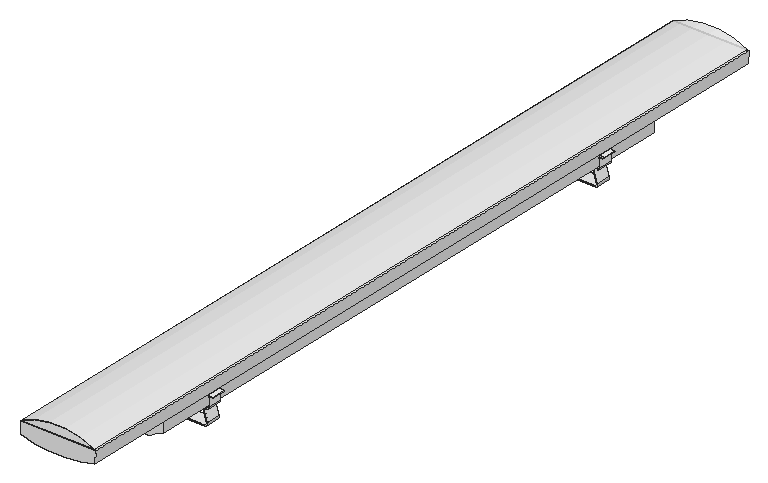
Revit family "Lighting-Industrial-GEWISS-SMART[3]PLUS-WATERTIGHT-LED_TRANSPARENT_1200mm", category Apparecchi per illuminazione, host Superficie, Revit 2019
Family settings
  Host = Superficie
  Quota connettore circolare = Usa diametro
  Tipo di parte = Normale
  Taglio con vuoti quando caricato = No
  Sorgente d'illuminazione = Sì
  Condiviso = No
  Punto di calcolo locali = No
Parameters (values of type "GWS3223AT957 - SMART3 PLUS 1200 T.W.DALI HE TRASP 9 57")
  Working temperature = "-25 +50 °C"
  Weight (kg): = ""
  Wattage = 27 W
  Warranty = "5 years"
  Voltage = "220-240 V "
  Version file RFA = "20.0"
  Variazione temperatura colore lampada con luminosità attenuata = (empty or 0)
  URL = "https://www.gewiss.com/ww/en"
  Typology = "DALI"
  Type of light source = "LED - Not replaceable"
  built-in parameter 1150107 = 5700 (stored number, unit not read)
  Technical sheet = "https://www.gewiss.com/ww/en/search?q=GWS3223AT957"
  System power = "38 W"
  Struttura = GEWISS - SMART 3 - GRIGIO
  Stampa 1_200 = no
  Stampa 1_100 = not(Stampa 1_200)  # yes
  Spostamento_Y_etichetta [instance] = 0 mm
  Spostamento_Y_effettivo_etichetta [instance] = 1500 mm - Spostamento_Y_etichetta  # 1500 mm
  Spostamento_X_etichetta [instance] = 0 mm
  Spostamento_X_effettivo_etichetta [instance] = 1500 mm - Spostamento_X_etichetta  # 1500 mm
  Shock resistance = "IK08"
  Shield type = "Transparent"
  Schermo. = Gewiss - Led Acceso
  SEO = "Ceiling"
  Realized by GEWISS S.p.A. = ""
  Default Elevation = 1219.2 mm
  Produttore = "GEWISS S.p.A."
  built-in parameter 1150110 = 1 (stored number, unit not read)
  built-in parameter 1150109 = 1 (stored number, unit not read)
  built-in parameter 1114218 = 1 (stored number, unit not read)
  built-in parameter 1150112 = 1 (stored number, unit not read)
  Operating temperature: = "-25 +50 °C"
  Nominal flux (lm) = ""
  No. LED (#) = ""
  Modello = "GWS3223AT957"
  built-in parameter 1150137 = (empty or 0)
  built-in parameter 1150132 = (empty or 0)
  Lunghezza Lampada = 1200 mm  # constant formula
  Lumen output (lm) = "4500"
  Length = "1200 mm"
  Lampada = "LED"
  Lamp = "LED"
  LED LifeTime (L80B20) = ""
  LED Life time (L80B50) = ""
  LED Life time (L70) = ""
  LED Life Time (L90B50) = ""
  built-in parameter 1150105 = 1406.7 (stored number, unit not read)
  built-in parameter 1150102 = (empty or 0)
  Insulation class = "II"
  Immagine tipo = GWS3136T.jpg
  built-in parameter 1150106 = 14.067 (stored number, unit not read)
  IP degree = "IP66/IP69"
  IFC.TypeObject = ""
  IFC.ExportType = ""
  IFC.ExportAs = ""
  IDT = "c46b9b55-ed1d-4068-afb8-069052944d3c"
  IDF = "927492b9-7e84-4dff-8bc6-ba5daba70ad1"
  Glow Wire Test = "850°C"
  Ganci = GEWISS  - ALLUMINIO
  Lumens = 4010.63 lm
  Color Filter = 16777215
  File diagramma fotometrico = "GWS3223AT957.IES"
  built-in parameter 1114217 = 1 (stored number, unit not read)
  built-in parameter 1150139 = (empty or 0)
  Failure rate apparecchio (50.000h, Tq=25Â° C) = ""
  Failure rate apparecchio (35.000h, Tq=35Â° C) = ""
  Emetti da lunghezza linea = 1000 mm
  Electrocod = "2434"
  Efficiency class of integrated LEDs = "A ÷ A++"
  built-in parameter 1150104 = 13.8 (stored number, unit not read)
  EAN code = ""
  Driver type = ""
  built-in parameter 1150115 = 1 (stored number, unit not read)
  built-in parameter 1150114 = 1 (stored number, unit not read)
  built-in parameter 1150113 = 1 (stored number, unit not read)
  Device with reduced surface temperature = ""
  Descrizione = "SMART3 PLUS 1200 T.W.DALI HE TRASP 9 57"
  Commenti sul wattaggio = "20W"
  Colour temperature: = "5700 K (CRI > 90)"
  Colour temperature = "5700 K (CRI > 90)"
  built-in parameter 1150134 = (empty or 0)
  built-in parameter 1150138 = (empty or 0)
  Catalogue Range = "SMART[3] PLUS"
  Catalogue = "LIGHTING"
  Carico apparente = 20 VA
  COBie.Tagnumber = ""
  COBie.CreatedOn = ""
  COBie.CreatebBy = ""
  COBie.ComponentRegisterItemID = ""
  COBie.Component.TagNumber = ""
  COBie.Component.Space = ""
  COBie.Component.SerialNumber = ""
  COBie.Component.InstallationDate = ""
  COBie.Component.Description = ""
  COBie.Component.BarCode = ""
  Application = "Indoor"
  Tilt Angle = -90.00°
  built-in parameter 1150133 = 10 (stored number, unit not read)
Types (25, lengths in mm): name | Typology | Technical sheet | System power | Modello | Lumen output (lm) | IDT | File diagramma fotometrico | Descrizione | Commenti sul wattaggio | Colour temperature: | Colour temperature | Carico apparente
  (no name) | "DALI" | "https://www.gewiss.com/ww/en/search?q=GWS3223AT957" | "38 W" | "GWS3223AT957" | "4500" | "c46b9b55-ed1d-4068-afb8-069052944d3c" | "GWS3223AT957.IES" | "SMART3 PLUS 1200 T.W.DALI HE TRASP 9 57" | "20W" | "5700 K (CRI > 90)" | "5700 K (CRI > 90)" | 20 VA
  GWS3220AT830 - SMART3 PLUS 1200 ON/OFF HE TRASP 8 30 | "" | "https://www.gewiss.com/ww/en/search?q=GWS3220AT830" | "36 W" | "GWS3220AT830" | "5400" | "cc03c640-083c-4dcd-9abc-138766095f55" | "GWS3220AT830.IES" | "SMART3 PLUS 1200 ON/OFF HE TRASP 8 30" | "20W" | "3000 K (CRI > 80)" | "3000 K (CRI > 80)" | 20 VA
  GWS3220AT840 - SMART3 PLUS 1200 ON/OFF HE TRASP 8 40 | "" | "https://www.gewiss.com/ww/en/search?q=GWS3220AT840" | "36 W" | "GWS3220AT840" | "5700" | "09c3f415-a496-4e20-986e-db9e6c14fef6" | "GWS3220AT840.IES" | "SMART3 PLUS 1200 ON/OFF HE TRASP 8 40" | "20W" | "4000 K (CRI > 80)" | "4000 K (CRI > 80)" | 20 VA
  GWS3220AT857 - SMART3 PLUS 1200 ON/OFF HE TRASP 8 57 | "" | "https://www.gewiss.com/ww/en/search?q=GWS3220AT857" | "36 W" | "GWS3220AT857" | "5700" | "ef93b854-6b58-44e9-89cc-111676d7b82c" | "GWS3220AT857.IES" | "SMART3 PLUS 1200 ON/OFF HE TRASP 8 57" | "20W" | "5700 K (CRI > 80)" | "5700 K (CRI > 80)" | 20 VA
  GWS3221AT940 - SMART3 PLUS 1200 DALI HE TRASP 9 40 | "DALI" | "https://www.gewiss.com/ww/en/search?q=GWS3221AT940" | "38 W" | "GWS3221AT940" | "4500" | "fa073392-7059-461d-a72b-552a3fb30932" | "GWS3221AT940.IES" | "SMART3 PLUS 1200 DALI HE TRASP 9 40" | "43W" | "4000 K (CRI > 90)" | "4000 K (CRI > 90)" | 43 VA
  GWS3222AT957 - SMART3 PLUS 1200 T.W.ON/OFF HE TRASP 9 57 | "" | "https://www.gewiss.com/ww/en/search?q=GWS3222AT957" | "36 W" | "GWS3222AT957" | "4500" | "c4d82c3d-998b-43e6-8a02-2a846538d6a9" | "GWS3222AT957.IES" | "SMART3 PLUS 1200 T.W.ON/OFF HE TRASP 9 57" | "43W" | "5700 K (CRI > 90)" | "5700 K (CRI > 90)" | 43 VA
  GWS3221AT957 - SMART3 PLUS 1200 DALI HE TRASP 9 57 | "DALI" | "https://www.gewiss.com/ww/en/search?q=GWS3221AT957" | "38 W" | "GWS3221AT957" | "4500" | "e38578d1-f581-41d0-b7b6-87f1ffb61d1a" | "GWS3221AT957.IES" | "SMART3 PLUS 1200 DALI HE TRASP 9 57" | "43W" | "5700 K (CRI > 90)" | "5700 K (CRI > 90)" | 43 VA
  GWS3220AT930 - SMART3 PLUS 1200 ON/OFF HE TRASP 9 30 | "" | "https://www.gewiss.com/ww/en/search?q=GWS3220AT930" | "36 W" | "GWS3220AT930" | "4200" | "076b8305-acf4-44ee-b39d-ceb1535875ca" | "GWS3220AT930.IES" | "SMART3 PLUS 1200 ON/OFF HE TRASP 9 30" | "22W" | "3000 K (CRI > 90)" | "3000 K (CRI > 90)" | 22 VA
  GWS3220AT940 - SMART3 PLUS 1200 ON/OFF HE TRASP 9 40 | "" | "https://www.gewiss.com/ww/en/search?q=GWS3220AT940" | "36 W" | "GWS3220AT940" | "4500" | "84bb4263-5ebe-45e1-a908-42868858a568" | "GWS3220AT940.IES" | "SMART3 PLUS 1200 ON/OFF HE TRASP 9 40" | "22W" | "4000 K (CRI > 90)" | "4000 K (CRI > 90)" | 22 VA
  GWS3220AT957 - SMART3 PLUS 1200 ON/OFF HE TRASP 9 57 | "" | "https://www.gewiss.com/ww/en/search?q=GWS3220AT957" | "36 W" | "GWS3220AT957" | "4500" | "b4a2678a-a64e-4b97-9546-12a220017e24" | "GWS3220AT957.IES" | "SMART3 PLUS 1200 ON/OFF HE TRASP 9 57" | "20W" | "5700 K (CRI > 90)" | "5700 K (CRI > 90)" | 20 VA
  GWS3221AT830 - SMART3 PLUS 1200 DALI HE TRASP 8 30 | "DALI" | "https://www.gewiss.com/ww/en/search?q=GWS3221AT830" | "38 W" | "GWS3221AT830" | "5400" | "446ac764-e3ac-43df-b663-7ac397df601f" | "GWS3221AT830.IES" | "SMART3 PLUS 1200 DALI HE TRASP 8 30" | "20W" | "3000 K (CRI > 80)" | "3000 K (CRI > 80)" | 20 VA
  GWS3221AT840 - SMART3 PLUS 1200 DALI HE TRASP 8 40 | "DALI" | "https://www.gewiss.com/ww/en/search?q=GWS3221AT840" | "38 W" | "GWS3221AT840" | "5700" | "7ccc98ee-2a29-4ff6-9500-64fec6a12d35" | "GWS3221AT840.IES" | "SMART3 PLUS 1200 DALI HE TRASP 8 40" | "20W" | "4000 K (CRI > 80)" | "4000 K (CRI > 80)" | 20 VA
  GWS3221AT857 - SMART3 PLUS 1200 DALI HE TRASP 8 57 | "DALI" | "https://www.gewiss.com/ww/en/search?q=GWS3221AT857" | "38 W" | "GWS3221AT857" | "5700" | "0a1c8150-8b5a-4265-af17-518ff3480667" | "GWS3221AT857.IES" | "SMART3 PLUS 1200 DALI HE TRASP 8 57" | "22W" | "5700 K (CRI > 80)" | "5700 K (CRI > 80)" | 22 VA
  GWS3221AT930 - SMART3 PLUS 1200 DALI HE TRASP 9 30 | "DALI" | "https://www.gewiss.com/ww/en/search?q=GWS3221AT930" | "38 W" | "GWS3221AT930" | "4200" | "6f68c8b0-19f3-4205-96cf-caa095b52e87" | "GWS3221AT930.IES" | "SMART3 PLUS 1200 DALI HE TRASP 9 30" | "22W" | "3000 K (CRI > 90)" | "3000 K (CRI > 90)" | 22 VA
  GWS3222AT840 - SMART3 PLUS 1200 T.W.ON/OFF HE TRASP 8 40 | "" | "https://www.gewiss.com/ww/en/search?q=GWS3222AT840" | "36 W" | "GWS3222AT840" | "5700" | "27a7ed5a-4f35-49a6-8a6c-5898d2855acc" | "GWS3222AT840.IES" | "SMART3 PLUS 1200 T.W.ON/OFF HE TRASP 8 40" | "45W" | "4000 K (CRI > 80)" | "4000 K (CRI > 80)" | 45 VA
  GWS3222AT830 - SMART3 PLUS 1200 T.W.ON/OFF HE TRASP 8 30 | "" | "https://www.gewiss.com/ww/en/search?q=GWS3222AT830" | "36 W" | "GWS3222AT830" | "5400" | "524bcf26-8372-489b-846e-3159a1fc7fc8" | "GWS3222AT830.IES" | "SMART3 PLUS 1200 T.W.ON/OFF HE TRASP 8 30" | "45W" | "3000 K (CRI > 80)" | "3000 K (CRI > 80)" | 45 VA
  GWS3222AT940 - SMART3 PLUS 1200 T.W.ON/OFF HE TRASP 9 40 | "" | "https://www.gewiss.com/ww/en/search?q=GWS3222AT940" | "36 W" | "GWS3222AT940" | "4500" | "4ea5874f-d4c7-45e4-a779-2e53d76b34c1" | "GWS3222AT940.IES" | "SMART3 PLUS 1200 T.W.ON/OFF HE TRASP 9 40" | "43W" | "4000 K (CRI > 90)" | "4000 K (CRI > 90)" | 43 VA
  GWS3222AT857 - SMART3 PLUS 1200 T.W.ON/OFF HE TRASP 8 57 | "" | "https://www.gewiss.com/ww/en/search?q=GWS3222AT857" | "36 W" | "GWS3222AT857" | "5700" | "7a26459e-3c96-4372-bbcf-8bb73ff3c29b" | "GWS3222AT857.IES" | "SMART3 PLUS 1200 T.W.ON/OFF HE TRASP 8 57" | "43W" | "5700 K (CRI > 80)" | "5700 K (CRI > 80)" | 43 VA
  GWS3223AT840 - SMART3 PLUS 1200 T.W.DALI HE TRASP 8 40 | "DALI" | "https://www.gewiss.com/ww/en/search?q=GWS3223AT840" | "38 W" | "GWS3223AT840" | "5700" | "1b5356aa-910a-4b37-addc-99e573483462" | "GWS3223AT840.IES" | "SMART3 PLUS 1200 T.W.DALI HE TRASP 8 40" | "43W" | "4000 K (CRI > 80)" | "4000 K (CRI > 80)" | 43 VA
  GWS3222AT930 - SMART3 PLUS 1200 T.W.ON/OFF HE TRASP 9 30 | "" | "https://www.gewiss.com/ww/en/search?q=GWS3222AT930" | "36 W" | "GWS3222AT930" | "4200" | "82cc36ae-f46d-44e4-ab60-56489764c269" | "GWS3222AT930.IES" | "SMART3 PLUS 1200 T.W.ON/OFF HE TRASP 9 30" | "45W" | "3000 K (CRI > 90)" | "3000 K (CRI > 90)" | 45 VA
  GWS3223AT830 - SMART3 PLUS 1200 T.W.DALI HE TRASP 8 30 | "DALI" | "https://www.gewiss.com/ww/en/search?q=GWS3223AT830" | "38 W" | "GWS3223AT830" | "5400" | "e509e7ab-5415-430c-ab52-ed9dbecbe642" | "GWS3223AT830.IES" | "SMART3 PLUS 1200 T.W.DALI HE TRASP 8 30" | "45W" | "3000 K (CRI > 80)" | "3000 K (CRI > 80)" | 45 VA
  GWS3223AT857 - SMART3 PLUS 1200 T.W.DALI HE TRASP 8 57 | "DALI" | "https://www.gewiss.com/ww/en/search?q=GWS3223AT857" | "38 W" | "GWS3223AT857" | "5700" | "0fb5b629-e0fb-4db4-a3f4-6404c6902af9" | "GWS3223AT857.IES" | "SMART3 PLUS 1200 T.W.DALI HE TRASP 8 57" | "56W" | "5700 K (CRI > 80)" | "5700 K (CRI > 80)" | 56 VA
  GWS3223AT930 - SMART3 PLUS 1200 T.W.DALI HE TRASP 9 30 | "DALI" | "https://www.gewiss.com/ww/en/search?q=GWS3223AT930" | "38 W" | "GWS3223AT930" | "4200" | "5e02d956-57f0-445b-b64a-a93ea9ab1ae5" | "GWS3223AT930.IES" | "SMART3 PLUS 1200 T.W.DALI HE TRASP 9 30" | "56W" | "3000 K (CRI > 90)" | "3000 K (CRI > 90)" | 56 VA
  GWS3223AT940 - SMART3 PLUS 1200 T.W.DALI HE TRASP 9 40 | "DALI" | "https://www.gewiss.com/ww/en/search?q=GWS3223AT940" | "38 W" | "GWS3223AT940" | "4500" | "5b0874d6-e961-4f56-bbd5-39bd58d15a8b" | "GWS3223AT940.IES" | "SMART3 PLUS 1200 T.W.DALI HE TRASP 9 40" | "20W" | "4000 K (CRI > 90)" | "4000 K (CRI > 90)" | 20 VA
  GWS3223AT957 - SMART3 PLUS 1200 T.W.DALI HE TRASP 9 57 | "DALI" | "https://www.gewiss.com/ww/en/search?q=GWS3223AT957" | "38 W" | "GWS3223AT957" | "4500" | "c46b9b55-ed1d-4068-afb8-069052944d3c" | "GWS3223AT957.IES" | "SMART3 PLUS 1200 T.W.DALI HE TRASP 9 57" | "20W" | "5700 K (CRI > 90)" | "5700 K (CRI > 90)" | 20 VA
Values of the unnamed type that differ from the named types
  Variazione temperatura colore lampada con luminosità attenuata = <Nessuno>
Reference planes
  plane 1 "Centro (Fronte/Retro)": y = 0
  plane 2: z = 0
  plane 3 "Centro (Sinistra/Destra)": x = 0
  plane 4: x = -1500
  plane 5: y = -1500
  plane 6: x = 0
  plane 7: y = 0
Forms (mm)
  Extrusion 1, solid, material "GEWISS  - ALLUMINIO" <- "Ganci", detail levels medium+fine
    sketch origin (0, 0, 0) x (1, 0, 0) y (0, 0, 1)
      loop
        arc (31.431, -0.002) -> (34.576, 1.589) -> (35.156, 5.066) r 3.903
        line (35.156, 5.066) -> (29.612, 23.211)
        arc (29.612, 23.211) -> (29.883, 24.381) -> (31.032, 24.73) r 1.2
        line (31.032, 24.73) -> (34.307, 23.974)
        arc (34.307, 23.974) -> (36.765, 24.53) -> (37.859, 26.8) r 2.9
        line (37.859, 26.8) -> (37.859, 38.8)
        arc (37.859, 38.8) -> (37.648, 39.694) -> (37.059, 40.4) r 2
        line (37.059, 40.4) -> (37.059, 42.71) -> (42.861, 40.598) -> (43.203, 41.538) -> (37.53, 43.603)
        arc (37.53, 43.603) -> (37.019, 43.613) -> (36.605, 43.311) r 0.8
        line (36.605, 43.311) -> (36.306, 26.139)
        arc (36.306, 26.139) -> (35.6, 25.444) -> (34.616, 25.34) r 1.5
        line (34.616, 25.34) -> (31.344, 26.095)
        arc (31.344, 26.095) -> (28.858, 25.335) -> (28.273, 22.802) r 2.6
        line (28.273, 22.802) -> (33.827, 4.636)
        arc (33.827, 4.636) -> (33.449, 2.415) -> (31.438, 1.4) r 2.5
        line (31.438, 1.4) -> (-31.437, 1.4)
        arc (-31.437, 1.4) -> (-33.449, 2.415) -> (-33.827, 4.636) r 2.5
        line (-33.827, 4.636) -> (-28.273, 22.802)
        arc (-28.273, 22.802) -> (-28.858, 25.335) -> (-31.344, 26.095) r 2.6
        line (-31.344, 26.095) -> (-34.616, 25.34)
        arc (-34.616, 25.34) -> (-35.6, 25.444) -> (-36.306, 26.139) r 1.5
        line (-36.306, 26.139) -> (-36.605, 43.311)
        arc (-36.605, 43.311) -> (-37.019, 43.613) -> (-37.53, 43.603) r 0.8
        line (-37.53, 43.603) -> (-43.203, 41.538) -> (-42.861, 40.598) -> (-37.059, 42.71) -> (-37.059, 40.4)
        arc (-37.059, 40.4) -> (-37.648, 39.694) -> (-37.859, 38.8) r 2
        line (-37.859, 38.8) -> (-37.859, 26.8)
        arc (-37.859, 26.8) -> (-36.765, 24.53) -> (-34.307, 23.974) r 2.9
        line (-34.307, 23.974) -> (-31.032, 24.73)
        arc (-31.032, 24.73) -> (-29.883, 24.381) -> (-29.612, 23.211) r 1.2
        line (-29.612, 23.211) -> (-35.156, 5.066)
        arc (-35.156, 5.066) -> (-34.576, 1.589) -> (-31.431, -0.002) r 3.903
        line (-31.431, -0.002) -> (31.431, -0.002)
    from 348.766 to 368.766
  Extrusion 2, solid, material "GEWISS  - ALLUMINIO" <- "Ganci", detail levels medium+fine
    sketch origin (0, 0, 0) x (1, 0, 0) y (0, 0, -1)
      loop
        line (31.431, 0.002) -> (-31.431, 0.002)
        arc (-31.431, 0.002) -> (-34.576, -1.589) -> (-35.156, -5.066) r 3.903
        line (-35.156, -5.066) -> (-29.612, -23.211)
        arc (-29.612, -23.211) -> (-29.883, -24.381) -> (-31.032, -24.73) r 1.2
        line (-31.032, -24.73) -> (-34.307, -23.974)
        arc (-34.307, -23.974) -> (-36.765, -24.53) -> (-37.859, -26.8) r 2.9
        line (-37.859, -26.8) -> (-37.859, -38.8)
        arc (-37.859, -38.8) -> (-37.648, -39.694) -> (-37.059, -40.4) r 2
        line (-37.059, -40.4) -> (-37.059, -42.71) -> (-42.861, -40.598) -> (-43.203, -41.538) -> (-37.53, -43.603)
        arc (-37.53, -43.603) -> (-37.019, -43.613) -> (-36.605, -43.311) r 0.8
        line (-36.605, -43.311) -> (-36.306, -26.139)
        arc (-36.306, -26.139) -> (-35.6, -25.444) -> (-34.616, -25.34) r 1.5
        line (-34.616, -25.34) -> (-31.344, -26.095)
        arc (-31.344, -26.095) -> (-28.858, -25.335) -> (-28.273, -22.802) r 2.6
        line (-28.273, -22.802) -> (-33.827, -4.636)
        arc (-33.827, -4.636) -> (-33.449, -2.415) -> (-31.437, -1.4) r 2.5
        line (-31.437, -1.4) -> (31.438, -1.4)
        arc (31.438, -1.4) -> (33.449, -2.415) -> (33.827, -4.636) r 2.5
        line (33.827, -4.636) -> (28.273, -22.802)
        arc (28.273, -22.802) -> (28.858, -25.335) -> (31.344, -26.095) r 2.6
        line (31.344, -26.095) -> (34.616, -25.34)
        arc (34.616, -25.34) -> (35.6, -25.444) -> (36.306, -26.139) r 1.5
        line (36.306, -26.139) -> (36.605, -43.311)
        arc (36.605, -43.311) -> (37.019, -43.613) -> (37.53, -43.603) r 0.8
        line (37.53, -43.603) -> (43.203, -41.538) -> (42.861, -40.598) -> (37.059, -42.71) -> (37.059, -40.4)
        arc (37.059, -40.4) -> (37.648, -39.694) -> (37.859, -38.8) r 2
        line (37.859, -38.8) -> (37.859, -26.8)
        arc (37.859, -26.8) -> (36.765, -24.53) -> (34.307, -23.974) r 2.9
        line (34.307, -23.974) -> (31.032, -24.73)
        arc (31.032, -24.73) -> (29.883, -24.381) -> (29.612, -23.211) r 1.2
        line (29.612, -23.211) -> (35.156, -5.066)
        arc (35.156, -5.066) -> (34.576, -1.589) -> (31.431, 0.002) r 3.903
    from 348.766 to 368.766
  Extrusion 3, solid, material "GEWISS - SMART 3 - GRIGIO" <- "Struttura", detail levels medium+fine
    sketch origin (0, 0, 0) x (1, 0, 0) y (0, 0, 1)
      loop
        line (-36.331, 55.757) -> (-35.847, 28.018)
        arc (-35.847, 28.018) -> (-33.139, 27.27) -> (-30.416, 26.58) r 129.5
        arc (-30.416, 26.58) -> (-28.066, 25.76) -> (-25.915, 24.506) r 13
        arc (-25.915, 24.506) -> (-24.23, 23.324) -> (-22.521, 22.178) r 99.5
        arc (-22.521, 22.178) -> (-16.401, 19.063) -> (-9.748, 17.365) r 31.146
        line (-9.748, 17.365) -> (12.491, 17.365)
        arc (12.491, 17.365) -> (17.822, 19.098) -> (22.764, 21.745) r 31.646
        arc (22.764, 21.745) -> (24.509, 22.915) -> (26.228, 24.122) r 100
        arc (26.228, 24.122) -> (28.283, 25.313) -> (30.525, 26.095) r 12.5
        arc (30.525, 26.095) -> (33.437, 26.834) -> (36.332, 27.64) r 130
        line (36.332, 27.64) -> (36.824, 55.851)
        arc (36.824, 55.851) -> (24.914, 53.937) -> (12.909, 52.764) r 195.047
        line (12.909, 52.764) -> (-12.909, 52.764)
        arc (-12.909, 52.764) -> (-24.665, 53.905) -> (-36.331, 55.757) r 195.047
    from -450 to 450
  Extrusion 4, solid, material "GEWISS - SMART 3 - GRIGIO" <- "Struttura", detail levels medium+fine
    sketch origin (0, 0, 0) x (1, 0, 0) y (0, 0, 1)
      loop
        line (54.725, 60.184) -> (55.177, 77.445) -> (-55.177, 77.445) -> (-54.725, 60.184)
        arc (-54.725, 60.184) -> (-34.019, 55.332) -> (-12.909, 52.764) r 195.047
        line (-12.909, 52.764) -> (12.909, 52.764)
        arc (12.909, 52.764) -> (34.019, 55.332) -> (54.725, 60.184) r 195.047
    from -600 to 600
  Extrusion 5, solid, material "Gewiss - Led Acceso" <- "Schermo.", detail levels medium+fine
    sketch origin (0, 0, 0) x (1, 0, 0) y (0, 0, 1)
      loop
        arc (54.697, 78.441) -> (-0.014, 90.457) -> (-54.723, 78.429) r 130.5
        arc (-54.723, 78.429) -> (-54.988, 77.838) -> (-54.5, 77.445) r 0.5
        line (-54.5, 77.445) -> (54.479, 77.445)
        arc (54.479, 77.445) -> (54.988, 77.855) -> (54.697, 78.441) r 0.522
    from -600 to 600
  Extrusion 6, solid, material "GEWISS - SMART 3 - GRIGIO" <- "Struttura", detail levels coarse
    sketch origin (0, 0, 0) x (1, 0, 0) y (0, 0, 1)
      loop
        line (-54.5, 90.439) -> (-54.5, 0) -> (54.5, 0) -> (54.5, 90.439) -> (-54.5, 90.439)
    from -600 to 600
Lines and regions (mm)
  Masking region 1
    outline origin (0, 0, 0) x (1, 0, 0) y (0, 1, 0)
      loop
        line (-55.177, 600) -> (-55.177, -600) -> (55.177, -600) -> (55.177, 600) -> (-55.177, 600)
  symbolic lines, style "GEWISS - LIGHT 2D"
    curve 1: line (0, 488.766, 0) -> (0, -491.234, 0)
Dimensions and locks
  plane 4 to plane 3 "Centro (Sinistra/Destra)" = 1500 mm
  "Spostamento_X_effettivo_etichetta": plane 4 to plane 6
  plane 1 "Centro (Fronte/Retro)" to plane 5 = 1500 mm
  "Spostamento_Y_effettivo_etichetta": plane 7 to plane 5
  aligned and locked: plane 2 to host face
  aligned and locked: level to host face
  aligned and locked: Masking region 1 sketch curve to Extrusion 4  (x4)
  aligned and locked: plane 6 to nested 1
  aligned and locked: nested 1 to plane 7
  aligned and locked: curve 1 to plane 3 "Centro (Sinistra/Destra)"
Automatic sketch dimensions
  host sketch curve to host sketch curve = 2438.4 mm  (x2)
  Extrusion 1 sketch curve to Extrusion 1 sketch curve = 0 mm  (x28)
  Extrusion 1 sketch curve to plane 3 "Centro (Sinistra/Destra)" = 43.203 mm
  level to Extrusion 1 sketch curve = 40.598 mm
  Extrusion 1 sketch curve to Extrusion 1 sketch curve = 0.342 mm  (x2)
  Extrusion 1 sketch curve to Extrusion 1 sketch curve = 5.002 mm  (x2)
  Extrusion 1 sketch curve to Extrusion 1 sketch curve = 0.329 mm
  Extrusion 1 sketch curve to Extrusion 1 sketch curve = 0.271 mm  (x2)
  Extrusion 1 sketch curve to Extrusion 1 sketch curve = 0.8 mm  (x2)
  Extrusion 1 sketch curve to Extrusion 1 sketch curve = 0.454 mm  (x2)
  Extrusion 1 sketch curve to Extrusion 1 sketch curve = 1.554 mm
  Extrusion 1 sketch curve to Extrusion 1 sketch curve = 2 mm
  level to Extrusion 1 sketch curve = 5.066 mm  (x2)
  Extrusion 1 sketch curve to Extrusion 1 sketch curve = 1.15 mm
  Extrusion 1 sketch curve to Extrusion 1 sketch curve = 1.346 mm  (x2)
  Extrusion 1 sketch curve to Extrusion 1 sketch curve = 0.343 mm  (x2)
  level to Extrusion 1 sketch curve = 4.636 mm  (x2)
  Extrusion 1 sketch curve to Extrusion 1 sketch curve = 1.329 mm  (x2)
  level to Extrusion 1 sketch curve = 1.4 mm
  Extrusion 1 sketch curve to Extrusion 1 sketch curve = 2.389 mm  (x2)
  Extrusion 1 sketch curve to Extrusion 1 sketch curve = 0.007 mm  (x2)
  Extrusion 1 sketch curve to Extrusion 1 sketch curve = 3.584 mm  (x2)
  Extrusion 1 sketch curve to Extrusion 1 sketch curve = 0.273 mm  (x2)
  plane 3 "Centro (Sinistra/Destra)" to Extrusion 1 sketch curve = 30.759 mm
  Extrusion 1 sketch curve to level = 0.002 mm
  Extrusion 1 sketch curve to Extrusion 1 sketch curve = 0.672 mm
  Extrusion 1 sketch curve to Extrusion 1 sketch curve = 0.9 mm
  level to Extrusion 1 sketch curve = 26.139 mm
  Extrusion 1 sketch curve to Extrusion 1 sketch curve = 0.746 mm
  Extrusion 1 sketch curve to Extrusion 1 sketch curve = 0.2 mm
  Extrusion 1 sketch curve to Extrusion 1 sketch curve = 2.577 mm
  Extrusion 1 sketch curve to Extrusion 1 sketch curve = 18.496 mm
  Extrusion 1 sketch curve to Extrusion 1 sketch curve = 1.169 mm  (x2)
  Extrusion 1 sketch curve to Extrusion 1 sketch curve = 0.799 mm  (x2)
  Extrusion 1 sketch curve to Extrusion 1 sketch curve = 0.609 mm
  Extrusion 1 sketch curve to Extrusion 1 sketch curve = 1.798 mm  (x2)
  Extrusion 1 sketch curve to Extrusion 1 sketch curve = 12 mm
  Extrusion 1 sketch curve to Extrusion 1 sketch curve = 0.94 mm  (x2)
  Extrusion 1 sketch curve to Extrusion 1 sketch curve = 0.14 mm  (x2)
  Extrusion 1 sketch curve to Extrusion 1 sketch curve = 0.309 mm  (x2)
  Extrusion 1 sketch curve to Extrusion 1 sketch curve = 0.312 mm  (x2)
  Extrusion 1 sketch curve to Extrusion 1 sketch curve = 1.148 mm  (x2)
  Extrusion 1 sketch curve to Extrusion 1 sketch curve = 1.339 mm
  Extrusion 1 sketch curve to Extrusion 1 sketch curve = 2.486 mm
  Extrusion 1 sketch curve to Extrusion 1 sketch curve = 0.409 mm  (x2)
  Extrusion 2 sketch curve to Extrusion 2 sketch curve = 0 mm  (x28)
  Extrusion 2 sketch curve to plane 3 "Centro (Sinistra/Destra)" = 43.203 mm
  level to Extrusion 2 sketch curve = 40.598 mm
  Extrusion 2 sketch curve to Extrusion 2 sketch curve = 0.342 mm  (x2)
  Extrusion 2 sketch curve to Extrusion 2 sketch curve = 5.002 mm  (x2)
  Extrusion 2 sketch curve to Extrusion 2 sketch curve = 0.329 mm
  Extrusion 2 sketch curve to Extrusion 2 sketch curve = 0.271 mm  (x2)
  Extrusion 2 sketch curve to Extrusion 2 sketch curve = 0.8 mm  (x2)
  Extrusion 2 sketch curve to Extrusion 2 sketch curve = 0.454 mm  (x2)
  Extrusion 2 sketch curve to Extrusion 2 sketch curve = 1.554 mm
  Extrusion 2 sketch curve to Extrusion 2 sketch curve = 2 mm
  level to Extrusion 2 sketch curve = 5.066 mm  (x2)
  Extrusion 2 sketch curve to Extrusion 2 sketch curve = 1.15 mm
  Extrusion 2 sketch curve to Extrusion 2 sketch curve = 1.346 mm  (x2)
  Extrusion 2 sketch curve to Extrusion 2 sketch curve = 0.343 mm  (x2)
  level to Extrusion 2 sketch curve = 4.636 mm  (x2)
  Extrusion 2 sketch curve to Extrusion 2 sketch curve = 1.329 mm  (x2)
  level to Extrusion 2 sketch curve = 1.4 mm
  Extrusion 2 sketch curve to Extrusion 2 sketch curve = 2.389 mm  (x2)
  Extrusion 2 sketch curve to Extrusion 2 sketch curve = 0.007 mm  (x2)
  Extrusion 2 sketch curve to Extrusion 2 sketch curve = 3.584 mm  (x2)
  Extrusion 2 sketch curve to Extrusion 2 sketch curve = 0.273 mm  (x2)
  plane 3 "Centro (Sinistra/Destra)" to Extrusion 2 sketch curve = 30.759 mm
  Extrusion 2 sketch curve to level = 0.002 mm
  Extrusion 2 sketch curve to Extrusion 2 sketch curve = 0.672 mm
  Extrusion 2 sketch curve to Extrusion 2 sketch curve = 0.9 mm
  level to Extrusion 2 sketch curve = 26.139 mm
  Extrusion 2 sketch curve to Extrusion 2 sketch curve = 0.746 mm
  Extrusion 2 sketch curve to Extrusion 2 sketch curve = 0.2 mm
  Extrusion 2 sketch curve to Extrusion 2 sketch curve = 14.46 mm
  Extrusion 2 sketch curve to Extrusion 2 sketch curve = 0.94 mm  (x2)
  Extrusion 2 sketch curve to Extrusion 2 sketch curve = 0.14 mm  (x2)
  Extrusion 2 sketch curve to Extrusion 2 sketch curve = 2.31 mm  (x2)
  Extrusion 2 sketch curve to Extrusion 2 sketch curve = 12 mm
  Extrusion 2 sketch curve to Extrusion 2 sketch curve = 0.661 mm  (x2)
  Extrusion 2 sketch curve to Extrusion 2 sketch curve = 0.609 mm  (x2)
  Extrusion 2 sketch curve to Extrusion 2 sketch curve = 1.169 mm  (x2)
  Extrusion 2 sketch curve to Extrusion 2 sketch curve = 0.309 mm  (x2)
  Extrusion 2 sketch curve to Extrusion 2 sketch curve = 0.312 mm  (x2)
  Extrusion 2 sketch curve to Extrusion 2 sketch curve = 1.148 mm  (x2)
  Extrusion 2 sketch curve to Extrusion 2 sketch curve = 1.339 mm
  Extrusion 2 sketch curve to Extrusion 2 sketch curve = 2.486 mm
  Extrusion 2 sketch curve to Extrusion 2 sketch curve = 1.365 mm  (x2)
  Extrusion 3 sketch curve to plane 3 "Centro (Sinistra/Destra)" = 36.331 mm
  Extrusion 3 sketch curve to Extrusion 3 sketch curve = 0.484 mm
  Extrusion 3 sketch curve to Extrusion 3 sketch curve = 2.34 mm
  Extrusion 3 sketch curve to plane 3 "Centro (Sinistra/Destra)" = 32.068 mm
  Extrusion 3 sketch curve to plane 3 "Centro (Sinistra/Destra)" = 12.909 mm
  Extrusion 3 sketch curve to plane 3 "Centro (Sinistra/Destra)" = 9.748 mm
  Extrusion 3 sketch curve to plane 3 "Centro (Sinistra/Destra)" = 5.421 mm
  Extrusion 3 sketch curve to plane 3 "Centro (Sinistra/Destra)" = 0.057 mm
  Extrusion 3 sketch curve to plane 3 "Centro (Sinistra/Destra)" = 0.007 mm
  Extrusion 3 sketch curve to plane 3 "Centro (Sinistra/Destra)" = 0.001 mm
  plane 3 "Centro (Sinistra/Destra)" to Extrusion 3 sketch curve = 0.057 mm
  plane 3 "Centro (Sinistra/Destra)" to Extrusion 3 sketch curve = 5.412 mm
  plane 3 "Centro (Sinistra/Destra)" to Extrusion 3 sketch curve = 12.491 mm
  Extrusion 3 sketch curve to Extrusion 3 sketch curve = 7.496 mm
  plane 3 "Centro (Sinistra/Destra)" to Extrusion 3 sketch curve = 32.059 mm
  Extrusion 3 sketch curve to Extrusion 3 sketch curve = 21.008 mm
  Extrusion 3 sketch curve to Extrusion 3 sketch curve = 2.833 mm
  Extrusion 3 sketch curve to Extrusion 3 sketch curve = 23.916 mm
  level to Extrusion 3 sketch curve = 13.953 mm  (x2)
  level to Extrusion 3 sketch curve = 17.365 mm  (x2)
  Extrusion 3 sketch curve to Extrusion 3 sketch curve = 13.687 mm
  Extrusion 3 sketch curve to Extrusion 3 sketch curve = 14.064 mm
  Extrusion 3 sketch curve to Extrusion 3 sketch curve = 30.844 mm
  Extrusion 3 sketch curve to Extrusion 3 sketch curve = 0 mm  (x3)
  Extrusion 3 sketch curve to Extrusion 3 sketch curve = 4.555 mm
  Extrusion 3 sketch curve to Extrusion 3 sketch curve = 2.993 mm
  Extrusion 3 sketch curve to Extrusion 3 sketch curve = 3.087 mm
  Extrusion 3 sketch curve to Extrusion 3 sketch curve = 49.52 mm
  Extrusion 3 sketch curve to Extrusion 3 sketch curve = 49.615 mm
  Extrusion 3 sketch curve to Extrusion 3 sketch curve = 47.089 mm
  Extrusion 3 sketch curve to Extrusion 3 sketch curve = 5.431 mm
  Extrusion 3 sketch curve to Extrusion 3 sketch curve = 4.5 mm
  Extrusion 3 sketch curve to Extrusion 3 sketch curve = 10.273 mm
  Extrusion 3 sketch curve to Extrusion 3 sketch curve = 3.465 mm
  Extrusion 3 sketch curve to Extrusion 3 sketch curve = 4.297 mm
  Extrusion 4 sketch curve to plane 3 "Centro (Sinistra/Destra)" = 55.177 mm
  Extrusion 4 sketch curve to Extrusion 4 sketch curve = 0.452 mm  (x2)
  Extrusion 4 sketch curve to plane 3 "Centro (Sinistra/Destra)" = 12.909 mm
  Extrusion 4 sketch curve to plane 3 "Centro (Sinistra/Destra)" = 0.057 mm
  plane 3 "Centro (Sinistra/Destra)" to Extrusion 4 sketch curve = 0.057 mm
  plane 3 "Centro (Sinistra/Destra)" to Extrusion 4 sketch curve = 12.909 mm
  Extrusion 4 sketch curve to Extrusion 4 sketch curve = 41.816 mm
  level to Extrusion 4 sketch curve = 52.764 mm
  Extrusion 4 sketch curve to Extrusion 4 sketch curve = 7.42 mm  (x2)
  Extrusion 4 sketch curve to Extrusion 4 sketch curve = 17.262 mm
  Extrusion 5 sketch curve to plane 3 "Centro (Sinistra/Destra)" = 0 mm
  Extrusion 5 sketch curve to plane 3 "Centro (Sinistra/Destra)" = 54.5 mm
  plane 3 "Centro (Sinistra/Destra)" to Extrusion 5 sketch curve = 54.479 mm
  Extrusion 5 sketch curve to level = 40.043 mm
  level to Extrusion 5 sketch curve = 77.445 mm
  Extrusion 5 sketch curve to Extrusion 5 sketch curve = 0.5 mm
  Extrusion 5 sketch curve to Extrusion 5 sketch curve = 0.522 mm
  Extrusion 5 sketch curve to Extrusion 5 sketch curve = 0.21 mm
  Extrusion 5 sketch curve to Extrusion 5 sketch curve = 0.014 mm
  Extrusion 5 sketch curve to Extrusion 5 sketch curve = 0 mm
  Extrusion 6 sketch curve to level = 0 mm
  Extrusion 6 sketch curve to plane 3 "Centro (Sinistra/Destra)" = 54.5 mm
  plane 3 "Centro (Sinistra/Destra)" to Extrusion 6 sketch curve = 54.5 mm
  Extrusion 6 sketch curve to Extrusion 6 sketch curve = 90.439 mm
  plane 1 "Centro (Fronte/Retro)" to curve 1 = 491.234 mm
  curve 1 to plane 1 "Centro (Fronte/Retro)" = 488.766 mm
Nested families
  nested 1: "ETICHETTA WATTAGGIO" at (0, 0, 0), type "ETICHETTA WATTAGGIO"
Connectors
  electrical at (0, 0, 0), driven by "Carico apparente"
    settings: on Masking region 1, index 1, voltage 230 V, apparent load 0 VA, apparent load phase1 20 VA, apparent load phase2 0 VA, apparent load phase3 0 VA, power factor 1, load classification "Illuminazione", number of poles 2, system type 31, power factor state 1, is connector primary yes, connector utility no, sub classification motor no, connector description ""
Definition of nested family "ETICHETTA WATTAGGIO"
  Parameters (values of type "ETICHETTA WATTAGGIO")
    GW - Potenza di sistema = ""
    GW - Numero LED = ""
    COMMENTI = "13W"
    1_200 = no
    1_100 = yes
  Reference planes
    plane 1: y = 0
    plane 2: x = 0
  Text (mm)
    label "GW - Potenza di sistema\nGW - Numero LED LED" at (-0.057, -0.214, 0), shows "GW - Potenza di sistema", "GW - Numero LED", visible <- "1_100"
    label "GW - Potenza di sistema\nGW - Numero LED LED " at (-0.057, -0.214, 0), shows "GW - Potenza di sistema", "GW - Numero LED", visible <- "1_200"
